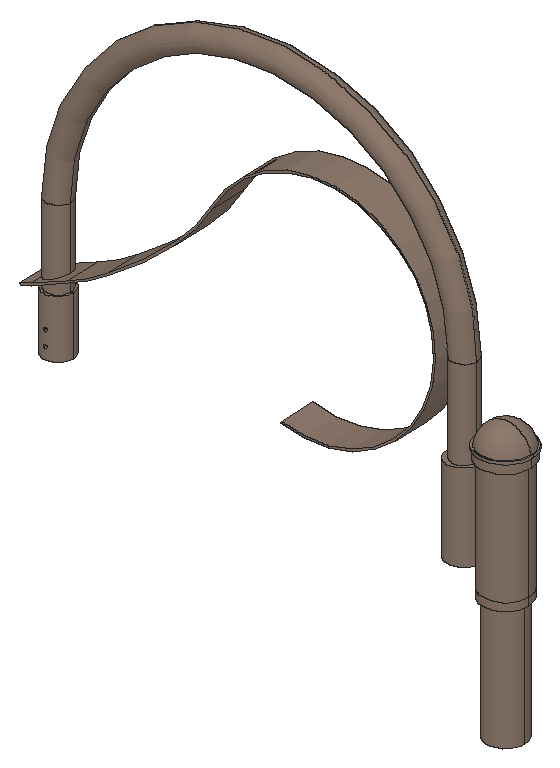
Revit family "PA202", category Generic Models, Revit 2014
Parameters
  TOP CAP = Bronze, Architectural
  TENON = Bronze, Architectural
  SCROLL = Bronze, Architectural
  OUTLET = Bronze, Architectural
  CANDY CANE = Bronze, Architectural
  BODY = Bronze, Architectural
  ARM = Bronze, Architectural
Reference planes (in)
  plane 1 "Center (Front/Back)": y = 0
  plane 2: z = 0
  plane 3 "Center (Left/Right)": x = 0
  plane 4: y = 1.25
  plane 5: y = -1.25
Forms (in)
  Revolve 1, solid, material "Bronze, Architectural" <- "BODY"
    sketch origin (0, 0, 3.6875) x (1, 0, 0) y (0, 0, 1)
      loop
        line (0, 12.8125) -> (-1.5, 12.8125) -> (-1.5, 4.8125) -> (0, 4.8125) -> (0, 12.8125)
      axis (0, 4.8125) -> (0, 12.8125)
    angle from 0 to 360
  Revolve 2, solid, material "Bronze, Architectural" <- "TENON"
    sketch origin (0, 0, 3.6875) x (1, 0, 0) y (0, 0, 1)
      loop
        line (0, -3.6875) -> (0, 4.3125) -> (-1.25, 4.3125) -> (-1.25, -3.6875) -> (0, -3.6875)
      axis (0, 4.3125) -> (0, -3.6875)
    angle from 0 to 360
  Revolve 3, solid, material "Bronze, Architectural" <- "TENON"
    sketch origin (0, 0, 3.6875) x (1, 0, 0) y (0, 0, 1)
      loop
        line (0, 4.8125) -> (-1.5, 4.8125) -> (-1.5, 4.3125) -> (0, 4.3125) -> (0, 4.8125)
      axis (0, 4.8125) -> (0, 4.3125)
    angle from 0 to 360
  Revolve 4, solid, material "Bronze, Architectural" <- "TOP CAP"
    sketch origin (0, 0, 3.6875) x (1, 0, 0) y (0, 0, 1)
      loop
        arc (0, 14.42187) -> (-1.0694, 14.02676) -> (-1.625, 13.03125) r 1.64475
        line (-1.625, 13.03125) -> (-1.76406, 13.03125) -> (-1.76406, 12.875) -> (-1.66406, 12.875) -> (-1.66406, 12.26562) -> (0, 12.26562) -> (0, 14.42187)
      axis (0, 14.42187) -> (0, 12.26562)
    angle from 0 to 360
  Revolve 5, solid, material "Bronze, Architectural" <- "ARM"
    sketch origin (0, 0, 3.6875) x (1, 0, 0) y (0, 0, 1)
      loop
        line (-2.625, 11.375) -> (-3.75, 11.375) -> (-3.75, 5.71465) -> (-2.625, 5.71465) -> (-2.625, 11.375)
      axis (-2.625, 5.71465) -> (-2.625, 11.375)
    angle from 0 to 360
  Revolve 6, solid, material "Bronze, Architectural" <- "CANDY CANE"
    sketch origin (0.125, 0, 3.6875) x (1, 0, 0) y (0, 0, 1)
      loop
        line (-2.75, 11.375) -> (-2.75, 17.1525) -> (-3.5625, 17.1525) -> (-3.5625, 11.375) -> (-2.75, 11.375)
      axis (-2.75, 11.375) -> (-2.75, 17.1525)
    angle from 0 to 360
  SweptBlend 7, solid, material "Bronze, Architectural" <- "CANDY CANE"
    path origin (0, 0, 3.6875) x (1, 0, 0) y (0, 0, 1)
      loop
        arc (-2.625, 17.1525) -> (-15.62406, 30.15156) -> (-28.62313, 17.1525) r 12.99906
    profile origin (-2.625, 0, 20.84) x (-1, 0, 0) y (0, -1, 0)
      loop
        circle (0, 0) r 0.8125
    end profile origin (-28.62313, 0, 20.84) x (0, -1, 0) y (1, 0, 0)
      loop
        circle (0, 0) r 0.81222
  Revolve 8, solid, material "Bronze, Architectural" <- "CANDY CANE"
    sketch origin (0, 0, 3.6875) x (1, 0, 0) y (0, 0, 1)
      loop
        line (-28.62313, 12.01125) -> (-28.62313, 17.1525) -> (-29.43563, 17.1525) -> (-29.43563, 12.01125) -> (-28.62313, 12.01125)
      axis (-28.62313, 17.1525) -> (-28.62313, 12.01125)
    angle from 0 to 360
  Revolve 9, solid, material "Bronze, Architectural" <- "OUTLET"
    sketch origin (0, 0, 3.6875) x (1, 0, 0) y (0, 0, 1)
      loop
        line (-28.62313, 8.26125) -> (-28.62313, 12.01125) -> (-29.6075, 12.01125) -> (-29.6075, 8.26125) -> (-28.62313, 8.26125)
      axis (-28.62313, 12.01125) -> (-28.62313, 8.26125)
    angle from 0 to 360
  Extrusion 10, solid, material "Bronze, Architectural" <- "SCROLL"
    sketch origin (0, 0, 3.6875) x (1, 0, 0) y (0, 0, 1)
      loop
        line (-13.3307, 10.21896) -> (-13.36725, 10.09942)
        arc (-13.36725, 10.09942) -> (-4.00609, 20.22167) -> (-17.77145, 21.0002) r 7.6211
        arc (-17.77145, 21.0002) -> (-18.78021, 19.48975) -> (-20.04791, 18.18901) r 9.90072
        arc (-20.04791, 18.18901) -> (-22.21157, 16.33948) -> (-24.56648, 14.74054) r 25.70283
        arc (-24.56648, 14.74054) -> (-25.78013, 14.02706) -> (-27.065, 13.45161) r 12.76087
        line (-27.065, 13.45161) -> (-29.3805, 12.50903)
        arc (-29.3805, 12.50903) -> (-29.7179, 12.38395) -> (-30.06252, 12.28039) r 5.70166
        line (-30.06252, 12.28039) -> (-30.03228, 12.15911)
        arc (-30.03228, 12.15911) -> (-29.67751, 12.26214) -> (-29.33231, 12.39369) r 4.53698
        line (-29.33231, 12.39369) -> (-27.01906, 13.33535)
        arc (-27.01906, 13.33535) -> (-25.72352, 13.91561) -> (-24.49966, 14.63486) r 12.88587
        arc (-24.49966, 14.63486) -> (-22.20005, 16.19119) -> (-20.08082, 17.98539) r 25.82783
        arc (-20.08082, 17.98539) -> (-18.7367, 19.36542) -> (-17.65207, 20.9575) r 11.07441
        arc (-17.65207, 20.9575) -> (-4.10853, 20.16887) -> (-13.3307, 10.21896) r 7.5
    from -1.25 to 1.25
  Revolve 11, void
    sketch origin (0, 0, 0) x (1, 0, 0) y (0, 0, 1)
      loop
        line (-28.62313, 14.94875) -> (-29.4825, 14.94875) -> (-29.4825, 11.94875) -> (-28.62313, 11.94875) -> (-28.62313, 14.94875)
      axis (-28.62313, 11.94875) -> (-28.62313, 14.94875)
    angle from 0 to 360
  Extrusion 12, void
    sketch origin (0, 0, 0) x (1, 0, 0) y (0, 0, 1)
      loop
        circle (-28.62313, 13.69875) r 0.125
      loop
        circle (-28.62313, 12.69875) r 0.125
    from -1.06729 to 1.05799
  Revolve 13, void
    sketch origin (0, 0, 0) x (1, 0, 0) y (0, 0, 1)
      loop
        line (0, 9.47826) -> (-0.8125, 9.47826) -> (-0.8125, 0) -> (0, 0) -> (0, 9.47826)
      axis (0, 0) -> (0, 9.47826)
    angle from 0 to 360
Cuts and joins
  Revolve 11, Extrusion 12 cuts Revolve 9
  Revolve 13 cuts Revolve 2
Dimensions and locks (in)
  aligned and locked: plane 2 to level
